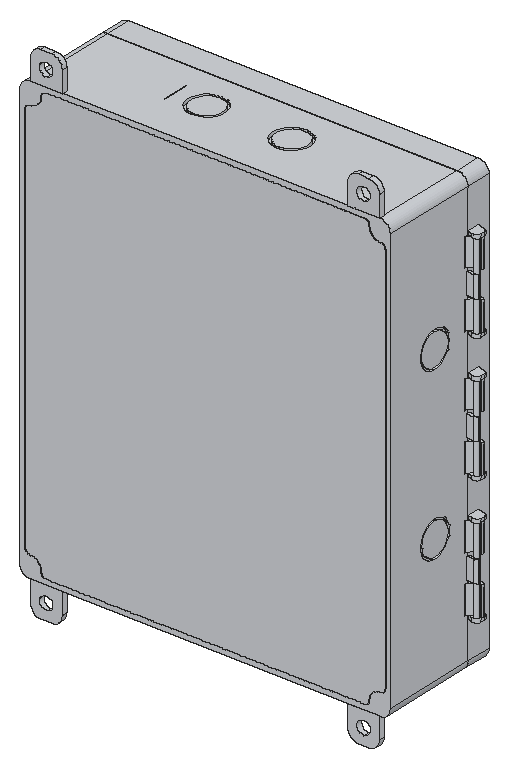
Revit family "Gas-Detectors-Control-Panel_GDCP-Touch_Brasch", category Generic Models, Revit 2024
Family settings
  Can host rebar = No
  Round Connector Dimension = Use Diameter
  Part Type = Normal
  Work Plane-Based = No
  Always vertical = Yes
  Cut with Voids When Loaded = No
  Maintain Annotation Orientation = No
  Shared = No
  Room Calculation Point = No
Parameters (values of type "GDCP-Touch, without any internal sensors")
  WIDTH = 8.72"
  URL = "https://braschenvtech.com/"
  Specification = "https://www.arcat.com/company/brasch-environmental-technologies-52580/spec"
  Product Page URL = "https://www.arcat.com/company/brasch-environmental-technologies-52580"
  Material = Gray
  Manufacturer = "Brasch Environmental Technologies"  # constant formula
  Keynote = "28 42 15"
  Input Voltage = "24 VAC"
  HEIGHT = 10.50"
  Default Elevation = 0.00"
  DEPTH = 2.90"
  Copyright = "@ARCAT"  # constant formula
  CAD Details = "https://www.arcat.com/company/brasch-environmental-technologies-52580/cad"
Reference planes (in)
  plane 1 "Center (Front/Back)": y = 0
  plane 2: z = 0
  plane 3 "Center (Left/Right)": x = 0
Forms (in)
  Extrusion 1, solid
    sketch origin (-4.37285, 0, 10.44843) x (0, 0, 1) y (-1, 0, 0)
      loop
        line (0.05157, -8.195) -> (0.05157, 0.025)
        arc (0.05157, 0.025) -> (-0.02165, 0.20178) -> (-0.19843, 0.275) r 0.25
        line (-0.19843, 0.275) -> (-10.19843, 0.275)
        arc (-10.19843, 0.275) -> (-10.37521, 0.20178) -> (-10.44843, 0.025) r 0.25
        line (-10.44843, 0.025) -> (-10.44843, -8.195)
        arc (-10.44843, -8.195) -> (-10.37521, -8.37178) -> (-10.19843, -8.445) r 0.25
        line (-10.19843, -8.445) -> (-0.19843, -8.445)
        arc (-0.19843, -8.445) -> (-0.02165, -8.37178) -> (0.05157, -8.195) r 0.25
      loop
        arc (-0.06843, -0.34997) -> (-0.10549, -0.26133) -> (-0.19462, -0.22546) r 0.12452
        arc (-0.19462, -0.22546) -> (-0.37407, -0.15113) -> (-0.44841, 0.02833) r 0.25379
        arc (-0.44841, 0.02833) -> (-0.48442, 0.1178) -> (-0.5734, 0.155) r 0.125
        line (-0.5734, 0.155) -> (-9.82346, 0.155)
        arc (-9.82346, 0.155) -> (-9.91244, 0.1178) -> (-9.94845, 0.02833) r 0.125
        arc (-9.94845, 0.02833) -> (-10.02279, -0.15113) -> (-10.20225, -0.22546) r 0.25379
        arc (-10.20225, -0.22546) -> (-10.29137, -0.26133) -> (-10.32843, -0.34997) r 0.12452
        line (-10.32843, -0.34997) -> (-10.32843, -7.82003)
        arc (-10.32843, -7.82003) -> (-10.29137, -7.90867) -> (-10.20225, -7.94454) r 0.12452
        arc (-10.20225, -7.94454) -> (-10.02279, -8.01887) -> (-9.94845, -8.19833) r 0.25379
        arc (-9.94845, -8.19833) -> (-9.91244, -8.2878) -> (-9.82346, -8.325) r 0.125
        line (-9.82346, -8.325) -> (-0.5734, -8.325)
        arc (-0.5734, -8.325) -> (-0.48442, -8.2878) -> (-0.44841, -8.19833) r 0.125
        arc (-0.44841, -8.19833) -> (-0.37407, -8.01887) -> (-0.19462, -7.94454) r 0.25379
        arc (-0.19462, -7.94454) -> (-0.10549, -7.90867) -> (-0.06843, -7.82003) r 0.12452
        line (-0.06843, -7.82003) -> (-0.06843, -0.34997)
    from 0 to -2.331
  Extrusion 2, solid
    sketch origin (0, 0, 0) x (1, 0, 0) y (0, 1, 0)
      loop
        line (4.1498, 2.38521) -> (4.07215, 2.276) -> (4.07215, 2.148)
        arc (4.07215, 2.148) -> (4.07469, 2.16427) -> (4.08205, 2.179) r 0.0535
        line (4.08205, 2.179) -> (4.20394, 2.35045)
        arc (4.20394, 2.35045) -> (4.25204, 2.37527) -> (4.30014, 2.35045) r 0.05902
        line (4.30014, 2.35045) -> (4.33643, 2.35045)
        arc (4.33643, 2.35045) -> (4.35667, 2.35809) -> (4.35724, 2.37971) r 0.01939
        arc (4.35724, 2.37971) -> (4.25498, 2.43774) -> (4.1498, 2.38521) r 0.125
    from 8.58333 to 9.25
  Extrusion 3, solid
    sketch origin (0, 0, -1.33333) x (1, 0, 0) y (0, 1, 0)
      loop
        line (4.1498, 2.38521) -> (4.07215, 2.276) -> (4.07215, 2.148)
        arc (4.07215, 2.148) -> (4.07469, 2.16427) -> (4.08205, 2.179) r 0.0535
        line (4.08205, 2.179) -> (4.20394, 2.35045)
        arc (4.20394, 2.35045) -> (4.25204, 2.37527) -> (4.30014, 2.35045) r 0.05902
        line (4.30014, 2.35045) -> (4.33643, 2.35045)
        arc (4.33643, 2.35045) -> (4.35667, 2.35809) -> (4.35724, 2.37971) r 0.01939
        arc (4.35724, 2.37971) -> (4.25498, 2.43774) -> (4.1498, 2.38521) r 0.125
    from 8.58333 to 9.25
  Extrusion 4, solid
    sketch origin (0, 0, -3) x (1, 0, 0) y (0, 1, 0)
      loop
        line (4.1498, 2.38521) -> (4.07215, 2.276) -> (4.07215, 2.148)
        arc (4.07215, 2.148) -> (4.07469, 2.16427) -> (4.08205, 2.179) r 0.0535
        line (4.08205, 2.179) -> (4.20394, 2.35045)
        arc (4.20394, 2.35045) -> (4.25204, 2.37527) -> (4.30014, 2.35045) r 0.05902
        line (4.30014, 2.35045) -> (4.33643, 2.35045)
        arc (4.33643, 2.35045) -> (4.35667, 2.35809) -> (4.35724, 2.37971) r 0.01939
        arc (4.35724, 2.37971) -> (4.25498, 2.43774) -> (4.1498, 2.38521) r 0.125
    from 8.58333 to 9.25
  Extrusion 5, solid
    sketch origin (0, 0, -4.33333) x (1, 0, 0) y (0, 1, 0)
      loop
        line (4.1498, 2.38521) -> (4.07215, 2.276) -> (4.07215, 2.148)
        arc (4.07215, 2.148) -> (4.07469, 2.16427) -> (4.08205, 2.179) r 0.0535
        line (4.08205, 2.179) -> (4.20394, 2.35045)
        arc (4.20394, 2.35045) -> (4.25204, 2.37527) -> (4.30014, 2.35045) r 0.05902
        line (4.30014, 2.35045) -> (4.33643, 2.35045)
        arc (4.33643, 2.35045) -> (4.35667, 2.35809) -> (4.35724, 2.37971) r 0.01939
        arc (4.35724, 2.37971) -> (4.25498, 2.43774) -> (4.1498, 2.38521) r 0.125
    from 8.58333 to 9.25
  Extrusion 6, solid
    sketch origin (0, 0, -6) x (1, 0, 0) y (0, 1, 0)
      loop
        line (4.1498, 2.38521) -> (4.07215, 2.276) -> (4.07215, 2.148)
        arc (4.07215, 2.148) -> (4.07469, 2.16427) -> (4.08205, 2.179) r 0.0535
        line (4.08205, 2.179) -> (4.20394, 2.35045)
        arc (4.20394, 2.35045) -> (4.25204, 2.37527) -> (4.30014, 2.35045) r 0.05902
        line (4.30014, 2.35045) -> (4.33643, 2.35045)
        arc (4.33643, 2.35045) -> (4.35667, 2.35809) -> (4.35724, 2.37971) r 0.01939
        arc (4.35724, 2.37971) -> (4.25498, 2.43774) -> (4.1498, 2.38521) r 0.125
    from 8.58333 to 9.25
  Extrusion 7, solid
    sketch origin (0, 0, -7.33333) x (1, 0, 0) y (0, 1, 0)
      loop
        line (4.1498, 2.38521) -> (4.07215, 2.276) -> (4.07215, 2.148)
        arc (4.07215, 2.148) -> (4.07469, 2.16427) -> (4.08205, 2.179) r 0.0535
        line (4.08205, 2.179) -> (4.20394, 2.35045)
        arc (4.20394, 2.35045) -> (4.25204, 2.37527) -> (4.30014, 2.35045) r 0.05902
        line (4.30014, 2.35045) -> (4.33643, 2.35045)
        arc (4.33643, 2.35045) -> (4.35667, 2.35809) -> (4.35724, 2.37971) r 0.01939
        arc (4.35724, 2.37971) -> (4.25498, 2.43774) -> (4.1498, 2.38521) r 0.125
    from 8.58333 to 9.25
  Extrusion 8, solid
    sketch origin (0, 0, 0) x (1, 0, 0) y (0, 1, 0)
      loop
        line (4.07215, 2.211) -> (4.27015, 2.211)
        arc (4.27015, 2.211) -> (4.31106, 2.21894) -> (4.34602, 2.24159) r 0.10938
        arc (4.34602, 2.24159) -> (4.3507, 2.26348) -> (4.33215, 2.276) r 0.02
        line (4.33215, 2.276) -> (4.30015, 2.276)
        arc (4.30015, 2.276) -> (4.25165, 2.25147) -> (4.20315, 2.276) r 0.0602
        line (4.20315, 2.276) -> (4.07215, 2.276) -> (4.07215, 2.211)
    from 7.99997 to 8.50003
  Extrusion 9, solid
    sketch origin (0, 0, -3) x (1, 0, 0) y (0, 1, 0)
      loop
        line (4.07215, 2.211) -> (4.27015, 2.211)
        arc (4.27015, 2.211) -> (4.31106, 2.21894) -> (4.34602, 2.24159) r 0.10938
        arc (4.34602, 2.24159) -> (4.3507, 2.26348) -> (4.33215, 2.276) r 0.02
        line (4.33215, 2.276) -> (4.30015, 2.276)
        arc (4.30015, 2.276) -> (4.25165, 2.25147) -> (4.20315, 2.276) r 0.0602
        line (4.20315, 2.276) -> (4.07215, 2.276) -> (4.07215, 2.211)
    from 7.99997 to 8.50003
  Extrusion 10, solid
    sketch origin (0, 0, -6) x (1, 0, 0) y (0, 1, 0)
      loop
        line (4.07215, 2.211) -> (4.27015, 2.211)
        arc (4.27015, 2.211) -> (4.31106, 2.21894) -> (4.34602, 2.24159) r 0.10938
        arc (4.34602, 2.24159) -> (4.3507, 2.26348) -> (4.33215, 2.276) r 0.02
        line (4.33215, 2.276) -> (4.30015, 2.276)
        arc (4.30015, 2.276) -> (4.25165, 2.25147) -> (4.20315, 2.276) r 0.0602
        line (4.20315, 2.276) -> (4.07215, 2.276) -> (4.07215, 2.211)
    from 7.99997 to 8.50003
  Extrusion 11, solid
    sketch origin (-4.1404, 0.12, 0.33138) x (0, 0, -1) y (-1, 0, 0)
      loop
        circle (-9.57553, -6.20256) r 0.14
      loop
        circle (-9.57553, -6.20256) r 0.05482
      loop
        circle (-9.57244, -1.5026) r 0.14
      loop
        circle (-9.57244, -1.5026) r 0.05482
      loop
        circle (-4.87594, -1.50149) r 0.14
      loop
        circle (-4.87594, -1.50149) r 0.05482
      loop
        circle (-4.87612, -6.20255) r 0.14
      loop
        circle (-4.87612, -6.20255) r 0.05482
    from 0 to 2.278
  Extrusion 12, solid
    sketch origin (-2.8954, 0.12, -3.98112) x (0, 0, -1) y (-1, 0, 0)
      loop
        circle (-4.87612, -6.20255) r 0.14
      loop
        circle (-4.87612, -6.20255) r 0.06853
      loop
        circle (-4.87612, -5.58255) r 0.14
      loop
        circle (-4.87612, -5.58255) r 0.06853
      loop
        circle (-4.87612, -2.91755) r 0.14
      loop
        circle (-4.87612, -2.91755) r 0.06853
      loop
        circle (-4.87612, -2.29755) r 0.14
      loop
        circle (-4.87612, -2.29755) r 0.06853
      loop
        circle (-4.87612, 0.98731) r 0.14
      loop
        circle (-4.87612, 0.98731) r 0.06853
      loop
        circle (-12.14112, 0.98745) r 0.14
      loop
        circle (-12.14112, 0.98745) r 0.06853
      loop
        circle (-12.14112, -6.20255) r 0.14
      loop
        circle (-12.14112, -6.20255) r 0.06853
      loop
        circle (-13.34612, -4.25005) r 0.14
      loop
        circle (-13.34612, -4.25005) r 0.06853
      loop
        circle (-13.34612, -0.96505) r 0.14
      loop
        circle (-13.34612, -0.96505) r 0.06853
      loop
        circle (-11.03862, -2.60755) r 0.14
      loop
        circle (-11.03862, -2.60755) r 0.06853
      loop
        circle (-9.48612, -0.96505) r 0.14
      loop
        circle (-9.48612, -0.96505) r 0.06853
      loop
        circle (-9.48612, -4.25005) r 0.14
      loop
        circle (-9.48612, -4.25005) r 0.06853
      loop
        circle (-9.88824, -6.211) r 0.14
      loop
        circle (-9.88824, -6.211) r 0.06853
      loop
        circle (-8.73612, -6.20255) r 0.14
      loop
        circle (-8.73612, -6.20255) r 0.06853
      loop
        circle (-8.73612, -5.58255) r 0.14
      loop
        circle (-8.73612, -5.58255) r 0.06853
      loop
        circle (-8.73612, -2.91755) r 0.14
      loop
        circle (-8.73612, -2.91755) r 0.06853
      loop
        circle (-8.73612, -2.29755) r 0.14
      loop
        circle (-8.73612, -2.29755) r 0.06853
      loop
        circle (-8.73612, 0.98745) r 0.14
      loop
        circle (-8.73612, 0.98745) r 0.06853
      loop
        circle (-9.93612, 0.98745) r 0.14
      loop
        circle (-9.93612, 0.98745) r 0.06853
    from 0 to 0.4
  Extrusion 13, solid
    sketch origin (-2.7504, 0.12, -4.27612) x (0, 0, -1) y (-1, 0, 0)
      loop
        circle (-4.87612, -6.20255) r 0.14
      loop
        circle (-4.87612, -6.20255) r 0.06853
      loop
        circle (-4.87612, 1.27745) r 0.14
      loop
        circle (-4.87612, 1.27745) r 0.06853
      loop
        circle (-14.17612, 1.27745) r 0.14
      loop
        circle (-14.17612, 1.27745) r 0.06853
      loop
        circle (-14.17612, -6.20255) r 0.14
      loop
        circle (-14.17612, -6.20255) r 0.06853
      loop
        circle (-9.52612, -2.46255) r 0.14
      loop
        circle (-9.52612, -2.46255) r 0.06853
    from 0 to 0.2
  Extrusion 14, solid
    sketch origin (1.94394, 0.7353, 5.1325) x (0, 1, 0) y (-1, 0, 0)
      loop
        line (-0.6153, 0.44574) -> (-0.6153, 0.00939) -> (-0.01296, 0.00939) -> (-0.6153, 0.44574)
      loop
        line (0, 4.46357) -> (-0.6153, 4.46357) -> (-0.6153, 4.01783) -> (0, 4.46357)
    from 0 to 0.15
  Extrusion 15, solid
    sketch origin (1.94393, 0.7353, 9.8315) x (0, 1, 0) y (-1, 0, 0)
      loop
        line (-0.6153, 0.44574) -> (-0.6153, 0.00939) -> (-0.01296, 0.00939) -> (-0.6153, 0.44574)
      loop
        line (0, 4.46357) -> (-0.6153, 4.46357) -> (-0.6153, 4.01783) -> (0, 4.46357)
    from 0 to 0.15
  Extrusion 16, solid
    sketch origin (-2.56285, 0.7353, 5.32572) x (0, 0, -1) y (0, 1, 0)
      loop
        line (0, 0) -> (-0.44574, -0.6153) -> (0, -0.6153) -> (0, 0)
      loop
        line (-4.46357, -0.6153) -> (-4.01683, -0.6153) -> (-4.46357, 0.00138) -> (-4.46357, -0.6153)
    from 0 to -0.15
  Extrusion 17, solid
    sketch origin (2.13635, 0.7353, 5.32572) x (0, 0, -1) y (0, 1, 0)
      loop
        line (0, 0) -> (-0.44574, -0.6153) -> (0, -0.6153) -> (0, 0)
      loop
        line (-4.46357, -0.6153) -> (-4.01683, -0.6153) -> (-4.46357, 0.00138) -> (-4.46357, -0.6153)
    from 0 to -0.15
  Extrusion 18, solid
    sketch origin (-4.1404, 0.12, 0.33138) x (0, 0, -1) y (-1, 0, 0)
      loop
        line (-10.04862, -0.11752) -> (-10.04862, -7.58759)
        arc (-10.04862, -7.58759) -> (-10.01156, -7.67622) -> (-9.92244, -7.7121) r 0.12452
        arc (-9.92244, -7.7121) -> (-9.74298, -7.78643) -> (-9.66864, -7.96589) r 0.25379
        arc (-9.66864, -7.96589) -> (-9.63263, -8.05535) -> (-9.54366, -8.09256) r 0.125
        line (-9.54366, -8.09256) -> (-0.29359, -8.09256)
        arc (-0.29359, -8.09256) -> (-0.20461, -8.05535) -> (-0.1686, -7.96589) r 0.125
        arc (-0.1686, -7.96589) -> (-0.09427, -7.78643) -> (0.08519, -7.7121) r 0.25379
        arc (0.08519, -7.7121) -> (0.17432, -7.67622) -> (0.21138, -7.58759) r 0.12452
        line (0.21138, -7.58759) -> (0.21138, -0.11752)
        arc (0.21138, -0.11752) -> (0.17432, -0.02889) -> (0.08519, 0.00698) r 0.12452
        arc (0.08519, 0.00698) -> (-0.09427, 0.08132) -> (-0.1686, 0.26078) r 0.25379
        arc (-0.1686, 0.26078) -> (-0.20461, 0.35024) -> (-0.29359, 0.38744) r 0.125
        line (-0.29359, 0.38744) -> (-9.54366, 0.38744)
        arc (-9.54366, 0.38744) -> (-9.63263, 0.35024) -> (-9.66864, 0.26078) r 0.125
        arc (-9.66864, 0.26078) -> (-9.74298, 0.08132) -> (-9.92244, 0.00698) r 0.25379
        arc (-9.92244, 0.00698) -> (-10.01156, -0.02889) -> (-10.04862, -0.11752) r 0.12452
    from 0 to -0.12
  Extrusion 19, solid
    sketch origin (-4.1404, 0.12, 0.33138) x (0, 0, -1) y (-1, 0, 0)
      loop
        line (0.83138, 0.25744) -> (0.33138, 0.25744) -> (0.33138, -0.49256) -> (0.83138, -0.49256)
        arc (0.83138, -0.49256) -> (1.00815, -0.41933) -> (1.08138, -0.24256) r 0.25
        line (1.08138, -0.24256) -> (1.08138, 0.00744)
        arc (1.08138, 0.00744) -> (1.00815, 0.18422) -> (0.83138, 0.25744) r 0.25
      loop
        line (0.83138, -7.21256) -> (0.33138, -7.21256) -> (0.33138, -7.96256) -> (0.83138, -7.96256)
        arc (0.83138, -7.96256) -> (1.00815, -7.88933) -> (1.08138, -7.71256) r 0.25
        line (1.08138, -7.71256) -> (1.08138, -7.46256)
        arc (1.08138, -7.46256) -> (1.00815, -7.28578) -> (0.83138, -7.21256) r 0.25
      loop
        circle (0.70638, -0.11756) r 0.16
      loop
        circle (0.70638, -7.58756) r 0.16
      loop
        arc (-10.66862, 0.25744) -> (-10.8454, 0.18422) -> (-10.91862, 0.00744) r 0.25
        line (-10.91862, 0.00744) -> (-10.91862, -0.24256)
        arc (-10.91862, -0.24256) -> (-10.8454, -0.41933) -> (-10.66862, -0.49256) r 0.25
        line (-10.66862, -0.49256) -> (-10.16862, -0.49256) -> (-10.16862, 0.25744) -> (-10.66862, 0.25744)
      loop
        arc (-10.66862, -7.21256) -> (-10.8454, -7.28578) -> (-10.91862, -7.46256) r 0.25
        line (-10.91862, -7.46256) -> (-10.91862, -7.71256)
        arc (-10.91862, -7.71256) -> (-10.8454, -7.88933) -> (-10.66862, -7.96256) r 0.25
        line (-10.66862, -7.96256) -> (-10.16862, -7.96256) -> (-10.16862, -7.21256) -> (-10.66862, -7.21256)
      loop
        circle (-10.54362, -0.11756) r 0.16
      loop
        circle (-10.54362, -7.58756) r 0.16
    from 0 to -0.12
  Extrusion 20, void
    sketch origin (-4.64785, 0, 10.25) x (0, 0, 1) y (0, -1, 0)
      loop
        circle (-3, -1.3) r 0.4375
      loop
        circle (-3, -1.3) r 0.375
      loop
        circle (-7.00175, -1.30665) r 0.4375
      loop
        circle (-7.00175, -1.30665) r 0.375
    from 0 to 0.066
  Extrusion 21, void
    sketch origin (4.07215, 0, 10.25) x (0, 0, 1) y (0, 1, 0)
      loop
        circle (-3, 1.3) r 0.4375
      loop
        circle (-3, 1.3) r 0.375
      loop
        circle (-7.00175, 1.30665) r 0.4375
      loop
        circle (-7.00175, 1.30665) r 0.375
    from 0 to 0.066
  Extrusion 22, void
    sketch origin (3.82215, 0, 10.5) x (0, -1, 0) y (-1, 0, 0)
      loop
        circle (-1.3, 3.11) r 0.4375
      loop
        circle (-1.3, 3.11) r 0.375
      loop
        circle (-1.3, 5.11) r 0.4375
      loop
        circle (-1.3, 5.11) r 0.375
    from 0 to 0.066
  Extrusion 23, void
    sketch origin (3.82215, 0, 0) x (1, 0, 0) y (0, 1, 0)
      loop
        circle (-4.11, 1.3) r 0.4375
      loop
        circle (-4.11, 1.3) r 0.375
      loop
        circle (-6.11, 1.3) r 0.4375
      loop
        circle (-6.11, 1.3) r 0.375
      loop
        circle (-2.11, 1.3) r 0.4375
      loop
        circle (-2.11, 1.3) r 0.375
    from 0 to 0.066
  Extrusion 24, void
    sketch origin (-4.1404, 0.12, 0.33138) x (0, 0, 1) y (-1, 0, 0)
      loop
        circle (9.91862, -7.96256) r 0.095
      loop
        circle (9.91862, 0.25744) r 0.095
      loop
        circle (-0.08138, 0.25744) r 0.095
      loop
        circle (-0.08138, -7.96256) r 0.095
    from 0 to -2.211
  Extrusion 25, void
    sketch origin (-4.1404, 0.12, 0.33138) x (0, 0, 1) y (-1, 0, 0)
      loop
        arc (0.11752, -7.96526) -> (0.1677, -8.08884) -> (0.2908, -8.14017) r 0.17328
        line (0.2908, -8.14017) -> (9.53397, -8.14017)
        arc (9.53397, -8.14017) -> (9.65805, -8.08761) -> (9.70665, -7.96192) r 0.17276
        arc (9.70665, -7.96192) -> (9.76671, -7.81193) -> (9.91574, -7.74951) r 0.20912
        arc (9.91574, -7.74951) -> (10.05002, -7.70032) -> (10.10658, -7.56896) r 0.18083
        line (10.10658, -7.56896) -> (10.10658, -0.1171)
        arc (10.10658, -0.1171) -> (10.06269, 0.00019) -> (9.95259, 0.05987) r 0.17868
        arc (9.95259, 0.05987) -> (9.79087, 0.1073) -> (9.72085, 0.2606) r 0.2028
        arc (9.72085, 0.2606) -> (9.67059, 0.38594) -> (9.54602, 0.43809) r 0.17486
        line (9.54602, 0.43809) -> (0.29665, 0.43809)
        arc (0.29665, 0.43809) -> (0.17157, 0.3861) -> (0.12017, 0.26078) r 0.17649
        arc (0.12017, 0.26078) -> (0.06099, 0.11654) -> (-0.08244, 0.05543) r 0.20536
        arc (-0.08244, 0.05543) -> (-0.20825, 0.00618) -> (-0.26095, -0.11821) r 0.1741
        line (-0.26095, -0.11821) -> (-0.26095, -7.58775)
        arc (-0.26095, -7.58775) -> (-0.20934, -7.71155) -> (-0.08507, -7.76202) r 0.17428
        arc (-0.08507, -7.76202) -> (0.05822, -7.82177) -> (0.11752, -7.96526) r 0.20324
      loop
        line (-0.33138, 0.25744) -> (-0.33138, -7.96256)
        arc (-0.33138, -7.96256) -> (-0.25815, -8.13933) -> (-0.08138, -8.21256) r 0.25
        line (-0.08138, -8.21256) -> (9.91862, -8.21256)
        arc (9.91862, -8.21256) -> (10.0954, -8.13933) -> (10.16862, -7.96256) r 0.25
        line (10.16862, -7.96256) -> (10.16862, 0.25744)
        arc (10.16862, 0.25744) -> (10.0954, 0.43422) -> (9.91862, 0.50744) r 0.25
        line (9.91862, 0.50744) -> (-0.08138, 0.50744)
        arc (-0.08138, 0.50744) -> (-0.25815, 0.43422) -> (-0.33138, 0.25744) r 0.25
    from -2.156 to -2.211
Cuts and joins
  Extrusion 20, Extrusion 21, Extrusion 22, Extrusion 23, Extrusion 24, Extrusion 25 cuts Extrusion 1
Dimensions and locks (in)
  aligned and locked: plane 2 to level
Nested families (in)
  nested 1: "GDCP lid" at (-0.28689, 2.77823, 0) x (-1, 0, 0) z (0, 0, 1), type "GDCP lid"
Definition of nested family "GDCP lid"
  Parameters
    Default Elevation = 0.00"
  Reference planes (in)
    plane 1 "Center (Front/Back)": y = 0
    plane 2: z = 0
    plane 3 "Center (Left/Right)": x = 0
  Forms (in)
    Extrusion 1, solid
      sketch origin (3.15, 0.11, 9.8) x (0, 0, 1) y (1, 0, 0)
        loop
          line (0.7, -7.26) -> (0.7, 0.96)
          arc (0.7, 0.96) -> (0.62678, 1.13678) -> (0.45, 1.21) r 0.25
          line (0.45, 1.21) -> (-9.55, 1.21)
          arc (-9.55, 1.21) -> (-9.72678, 1.13678) -> (-9.8, 0.96) r 0.25
          line (-9.8, 0.96) -> (-9.8, -7.26)
          arc (-9.8, -7.26) -> (-9.72678, -7.43678) -> (-9.55, -7.51) r 0.25
          line (-9.55, -7.51) -> (0.45, -7.51)
          arc (0.45, -7.51) -> (0.62678, -7.43678) -> (0.7, -7.26) r 0.25
        loop
          arc (0.48, 0.58503) -> (0.19365, 0.70365) -> (0.07503, 0.99) r 0.40497
          line (0.07503, 0.99) -> (-9.17503, 0.99)
          arc (-9.17503, 0.99) -> (-9.29365, 0.70365) -> (-9.58, 0.58503) r 0.40497
          line (-9.58, 0.58503) -> (-9.58, -6.88503)
          arc (-9.58, -6.88503) -> (-9.29365, -7.00365) -> (-9.17503, -7.29) r 0.40497
          line (-9.17503, -7.29) -> (0.07503, -7.29)
          arc (0.07503, -7.29) -> (0.19365, -7.00365) -> (0.48, -6.88503) r 0.40497
          line (0.48, -6.88503) -> (0.48, 0.58503)
      from 0 to -0.61
    Extrusion 2, solid
      sketch origin (3.15, 0.11, 9.8) x (0, 0, 1) y (1, 0, 0)
        loop
          line (0.07503, 0.99) -> (-9.17503, 0.99)
          arc (-9.17503, 0.99) -> (-9.29365, 0.70365) -> (-9.58, 0.58503) r 0.40497
          line (-9.58, 0.58503) -> (-9.58, -6.88503)
          arc (-9.58, -6.88503) -> (-9.29365, -7.00365) -> (-9.17503, -7.29) r 0.40497
          line (-9.17503, -7.29) -> (0.07503, -7.29)
          arc (0.07503, -7.29) -> (0.19365, -7.00365) -> (0.48, -6.88503) r 0.40497
          line (0.48, -6.88503) -> (0.48, 0.58503)
          arc (0.48, 0.58503) -> (0.19365, 0.70365) -> (0.07503, 0.99) r 0.40497
      from 0 to -0.11
    Extrusion 3, void
      sketch origin (3.15, 0.11, 9.8) x (0, 0, 1) y (1, 0, 0)
        loop
          line (-9.17396, -7.345) -> (0.07503, -7.345)
          arc (0.07503, -7.345) -> (0.13236, -7.32126) -> (0.1561, -7.26393) r 0.08107
          arc (0.1561, -7.26393) -> (0.25319, -7.04324) -> (0.47998, -6.96138) r 0.30599
          arc (0.47998, -6.96138) -> (0.51645, -6.93752) -> (0.535, -6.8981) r 0.08
          line (0.535, -6.8981) -> (0.535, 0.5981)
          arc (0.535, 0.5981) -> (0.51645, 0.63752) -> (0.47998, 0.66138) r 0.08
          arc (0.47998, 0.66138) -> (0.25319, 0.74324) -> (0.1561, 0.96393) r 0.30599
          arc (0.1561, 0.96393) -> (0.13236, 1.02126) -> (0.07503, 1.045) r 0.08107
          line (0.07503, 1.045) -> (-9.17396, 1.045)
          arc (-9.17396, 1.045) -> (-9.23128, 1.02126) -> (-9.25503, 0.96393) r 0.08107
          arc (-9.25503, 0.96393) -> (-9.35212, 0.74324) -> (-9.57891, 0.66138) r 0.30599
          arc (-9.57891, 0.66138) -> (-9.61947, 0.6324) -> (-9.635, 0.58503) r 0.08
          line (-9.635, 0.58503) -> (-9.635, -6.88503)
          arc (-9.635, -6.88503) -> (-9.61947, -6.9324) -> (-9.57891, -6.96138) r 0.08
          arc (-9.57891, -6.96138) -> (-9.35212, -7.04324) -> (-9.25503, -7.26393) r 0.30599
          arc (-9.25503, -7.26393) -> (-9.23128, -7.32126) -> (-9.17396, -7.345) r 0.08107
        loop
          arc (0.07611, -7.445) -> (0.18268, -7.41006) -> (0.24788, -7.31879) r 0.18
          arc (0.24788, -7.31879) -> (0.31568, -7.1246) -> (0.50987, -7.05681) r 0.23668
          arc (0.50987, -7.05681) -> (0.60673, -6.98353) -> (0.635, -6.8654) r 0.18
          line (0.635, -6.8654) -> (0.635, 0.5654)
          arc (0.635, 0.5654) -> (0.60673, 0.68353) -> (0.50987, 0.75681) r 0.18
          arc (0.50987, 0.75681) -> (0.31568, 0.8246) -> (0.24788, 1.01879) r 0.23668
          arc (0.24788, 1.01879) -> (0.18268, 1.11006) -> (0.07611, 1.145) r 0.18
          line (0.07611, 1.145) -> (-9.17503, 1.145)
          arc (-9.17503, 1.145) -> (-9.28161, 1.11006) -> (-9.34681, 1.01879) r 0.18
          arc (-9.34681, 1.01879) -> (-9.4146, 0.8246) -> (-9.60879, 0.75681) r 0.23668
          arc (-9.60879, 0.75681) -> (-9.70006, 0.69161) -> (-9.735, 0.58503) r 0.18
          line (-9.735, 0.58503) -> (-9.735, -6.88503)
          arc (-9.735, -6.88503) -> (-9.70006, -6.99161) -> (-9.60879, -7.05681) r 0.18
          arc (-9.60879, -7.05681) -> (-9.4146, -7.1246) -> (-9.34681, -7.31879) r 0.23668
          arc (-9.34681, -7.31879) -> (-9.28161, -7.41006) -> (-9.17503, -7.445) r 0.18
          line (-9.17503, -7.445) -> (0.07611, -7.445)
      from -0.61 to -0.512
    Extrusion 4, void
      sketch origin (3.15, 0.11, 9.8) x (0, 0, 1) y (1, 0, 0)
        loop
          circle (0.45, -7.26) r 0.0705
        loop
          circle (0.45, 0.96) r 0.0705
        loop
          circle (-9.55, 0.96) r 0.0705
        loop
          circle (-9.55, -7.26) r 0.0705
      from -0.04 to -0.61
    Extrusion 5, solid
      sketch origin (-4.505, -0.40438, 9.2625) x (0, 1, 0) y (-1, 0, 0)
        loop
          arc (0.11037, 0.08715) -> (0.08218, 0.12192) -> (0.03938, 0.135) r 0.07659
          line (0.03938, 0.135) -> (-0.06062, 0.135)
          arc (-0.06062, 0.135) -> (-0.14355, 0.09089) -> (-0.15331, -0.00253) r 0.1
          line (-0.15331, -0.00253) -> (-0.09562, -0.145) -> (0.20438, -0.145) -> (0.11037, 0.08715)
      from 0 to 0.075
    Extrusion 6, solid
      sketch origin (-4.505, -0.40438, 7.1525) x (0, 1, 0) y (-1, 0, 0)
        loop
          arc (0.11037, 0.08715) -> (0.08218, 0.12192) -> (0.03938, 0.135) r 0.07659
          line (0.03938, 0.135) -> (-0.06062, 0.135)
          arc (-0.06062, 0.135) -> (-0.14355, 0.09089) -> (-0.15331, -0.00253) r 0.1
          line (-0.15331, -0.00253) -> (-0.09562, -0.145) -> (0.20438, -0.145) -> (0.11037, 0.08715)
      from 0.01 to 0.085
    Extrusion 7, solid
      sketch origin (-4.505, -0.40438, 9.2625) x (0, 1, 0) y (-1, 0, 0)
        loop
          circle (-0.06062, 0.03503) r 0.06027
      from -2.025 to 0
    Extrusion 8, solid
      sketch origin (-4.505, -0.40438, 6.2625) x (0, 1, 0) y (-1, 0, 0)
        loop
          arc (0.11037, 0.08715) -> (0.08218, 0.12192) -> (0.03938, 0.135) r 0.07659
          line (0.03938, 0.135) -> (-0.06062, 0.135)
          arc (-0.06062, 0.135) -> (-0.14355, 0.09089) -> (-0.15331, -0.00253) r 0.1
          line (-0.15331, -0.00253) -> (-0.09562, -0.145) -> (0.20438, -0.145) -> (0.11037, 0.08715)
      from 0 to 0.075
    Extrusion 9, solid
      sketch origin (-4.505, -0.40438, 4.1525) x (0, 1, 0) y (-1, 0, 0)
        loop
          arc (0.11037, 0.08715) -> (0.08218, 0.12192) -> (0.03938, 0.135) r 0.07659
          line (0.03938, 0.135) -> (-0.06062, 0.135)
          arc (-0.06062, 0.135) -> (-0.14355, 0.09089) -> (-0.15331, -0.00253) r 0.1
          line (-0.15331, -0.00253) -> (-0.09562, -0.145) -> (0.20438, -0.145) -> (0.11037, 0.08715)
      from 0.01 to 0.085
    Extrusion 10, solid
      sketch origin (-4.505, -0.40438, 6.2625) x (0, 1, 0) y (-1, 0, 0)
        loop
          circle (-0.06062, 0.03503) r 0.06027
      from -2.025 to 0
    Extrusion 11, solid
      sketch origin (-4.505, -0.40438, 3.2625) x (0, 1, 0) y (-1, 0, 0)
        loop
          arc (0.11037, 0.08715) -> (0.08218, 0.12192) -> (0.03938, 0.135) r 0.07659
          line (0.03938, 0.135) -> (-0.06062, 0.135)
          arc (-0.06062, 0.135) -> (-0.14355, 0.09089) -> (-0.15331, -0.00253) r 0.1
          line (-0.15331, -0.00253) -> (-0.09562, -0.145) -> (0.20438, -0.145) -> (0.11037, 0.08715)
      from 0 to 0.075
    Extrusion 12, solid
      sketch origin (-4.505, -0.40438, 1.1525) x (0, 1, 0) y (-1, 0, 0)
        loop
          arc (0.11037, 0.08715) -> (0.08218, 0.12192) -> (0.03938, 0.135) r 0.07659
          line (0.03938, 0.135) -> (-0.06062, 0.135)
          arc (-0.06062, 0.135) -> (-0.14355, 0.09089) -> (-0.15331, -0.00253) r 0.1
          line (-0.15331, -0.00253) -> (-0.09562, -0.145) -> (0.20438, -0.145) -> (0.11037, 0.08715)
      from 0.01 to 0.085
    Extrusion 13, solid
      sketch origin (-4.505, -0.40438, 3.2625) x (0, 1, 0) y (-1, 0, 0)
        loop
          circle (-0.06062, 0.03503) r 0.06027
      from -2.025 to 0
    Extrusion 14, void
      sketch origin (4.24673, 0.12, 10.20024) x (0, 0, 1) y (1, 0, 0)
        loop
          circle (0.04976, -0.13673) r 0.1455
        loop
          circle (-9.95024, -0.13673) r 0.1455
      from 0 to -0.05
  Cuts and joins
    Extrusion 3, Extrusion 4, Extrusion 14 cuts Extrusion 1
  Dimensions and locks (in)
    aligned and locked: plane 2 to level
